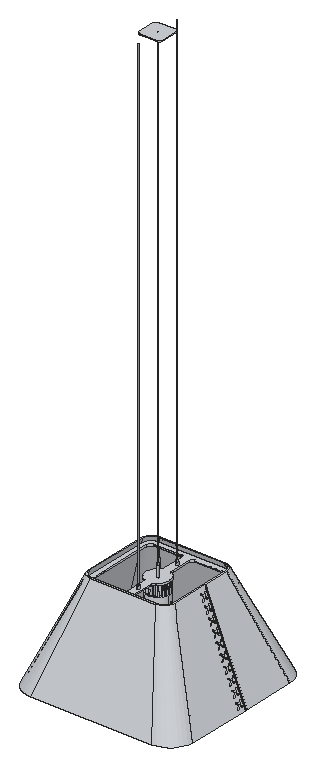
Revit family "BuzziSpace - BuzziShade - Square2", category Lighting Fixtures, host Ceiling, Revit 2019 (continued)
Lines and regions (in)
  symbolic lines, visible <- "Beam", detail levels fine
    curve 139: spline (-25.91981, -0.4757, 0) -> (-25.92104, -0.48493, 0) -> (-25.92168, -0.49458, 0) -> (-25.9217, -0.50437, 0) -> (-25.92111, -0.51403, 0) -> (-25.91992, -0.52331, 0) -> (-25.91816, -0.53194, 0) -> (-25.91589, -0.53969, 0) -> (-25.91316, -0.54634, 0) -> (-25.91005, -0.55171, 0) -> (-25.90665, -0.55566, 0) -> (-25.90305, -0.55807, 0) -> (-25.89934, -0.55888, 0)
    curve 140: line (-25.91981, -0.4757, 0) -> (-25.7343, 0.01289, 0)
    curve 141: line (-26.24982, 0, 0) -> (-26.0759, 0.45807, 0)
    curve 142: spline (-26.0759, 0.45807, 0) -> (-26.07311, 0.46702, 0) -> (-26.07104, 0.47723, 0) -> (-26.06976, 0.48831, 0) -> (-26.06933, 0.49983, 0) -> (-26.06976, 0.51135, 0) -> (-26.07104, 0.52243, 0) -> (-26.07311, 0.53264, 0) -> (-26.0759, 0.54158, 0) -> (-26.0793, 0.54893, 0) -> (-26.08317, 0.55439, 0) -> (-26.08738, 0.55775, 0) -> (-26.09175, 0.55888, 0)
    curve 143: spline (-26.22325, 0.54158, 0) -> (-26.22218, 0.54423, 0) -> (-26.22104, 0.54668, 0) -> (-26.21985, 0.54893, 0) -> (-26.2186, 0.55097, 0) -> (-26.21731, 0.55279, 0) -> (-26.21597, 0.55439, 0) -> (-26.2146, 0.55575, 0) -> (-26.2132, 0.55687, 0) -> (-26.21177, 0.55775, 0) -> (-26.21032, 0.55838, 0) -> (-26.20886, 0.55875, 0) -> (-26.20739, 0.55888, 0)
    curve 144: line (-26.20739, 0.55888, 0) -> (-26.09175, 0.55888, 0)
    curve 145: line (-26.24982, 0, 0) -> (-26.0759, -0.45807, 0)
    curve 146: spline (-26.0759, -0.45807, 0) -> (-26.07311, -0.46702, 0) -> (-26.07104, -0.47723, 0) -> (-26.06976, -0.48831, 0) -> (-26.06933, -0.49983, 0) -> (-26.06976, -0.51135, 0) -> (-26.07104, -0.52243, 0) -> (-26.07311, -0.53264, 0) -> (-26.0759, -0.54158, 0) -> (-26.0793, -0.54893, 0) -> (-26.08317, -0.55439, 0) -> (-26.08738, -0.55775, 0) -> (-26.09175, -0.55888, 0)
    curve 147: spline (-26.22325, -0.54158, 0) -> (-26.22218, -0.54423, 0) -> (-26.22104, -0.54668, 0) -> (-26.21985, -0.54893, 0) -> (-26.2186, -0.55097, 0) -> (-26.21731, -0.55279, 0) -> (-26.21597, -0.55439, 0) -> (-26.2146, -0.55575, 0) -> (-26.2132, -0.55687, 0) -> (-26.21177, -0.55775, 0) -> (-26.21032, -0.55838, 0) -> (-26.20886, -0.55875, 0) -> (-26.20739, -0.55888, 0)
    curve 148: line (-26.20739, -0.55888, 0) -> (-26.09175, -0.55888, 0)
    curve 149: line (-26.33935, -0.2358, 0) -> (-26.22325, -0.54158, 0)
    curve 150: spline (-26.59752, 0.4757, 0) -> (-26.59875, 0.48493, 0) -> (-26.59939, 0.49458, 0) -> (-26.59941, 0.50437, 0) -> (-26.59882, 0.51403, 0) -> (-26.59763, 0.52331, 0) -> (-26.59587, 0.53194, 0) -> (-26.5936, 0.53969, 0) -> (-26.59087, 0.54634, 0) -> (-26.58776, 0.55171, 0) -> (-26.58436, 0.55566, 0) -> (-26.58076, 0.55807, 0) -> (-26.57705, 0.55888, 0)
    curve 151: line (-26.57705, 0.55888, 0) -> (-26.46202, 0.55888, 0)
    curve 152: line (-26.33935, 0.2358, 0) -> (-26.22325, 0.54158, 0)
    curve 153: line (-26.46202, 0.55888, 0) -> (-26.33935, 0.2358, 0)
    curve 154: line (-26.59752, 0.4757, 0) -> (-26.4218, 0.01289, 0)
    curve 155: line (-26.46202, -0.55888, 0) -> (-26.33935, -0.2358, 0)
    curve 156: line (-26.58684, -0.55888, 0) -> (-26.46202, -0.55888, 0)
    curve 157: spline (-26.60731, -0.4757, 0) -> (-26.60854, -0.48493, 0) -> (-26.60918, -0.49458, 0) -> (-26.6092, -0.50437, 0) -> (-26.60861, -0.51403, 0) -> (-26.60742, -0.52331, 0) -> (-26.60566, -0.53194, 0) -> (-26.60339, -0.53969, 0) -> (-26.60066, -0.54634, 0) -> (-26.59755, -0.55171, 0) -> (-26.59415, -0.55566, 0) -> (-26.59055, -0.55807, 0) -> (-26.58684, -0.55888, 0)
    curve 158: line (-26.60731, -0.4757, 0) -> (-26.4218, 0.01289, 0)
    curve 159: line (-26.93732, 0, 0) -> (-26.7634, 0.45807, 0)
    curve 160: spline (-26.7634, 0.45807, 0) -> (-26.76061, 0.46702, 0) -> (-26.75854, 0.47723, 0) -> (-26.75726, 0.48831, 0) -> (-26.75683, 0.49983, 0) -> (-26.75726, 0.51135, 0) -> (-26.75854, 0.52243, 0) -> (-26.76061, 0.53264, 0) -> (-26.7634, 0.54158, 0) -> (-26.7668, 0.54893, 0) -> (-26.77067, 0.55439, 0) -> (-26.77488, 0.55775, 0) -> (-26.77925, 0.55888, 0)
    curve 161: spline (-26.91075, 0.54158, 0) -> (-26.90968, 0.54423, 0) -> (-26.90854, 0.54668, 0) -> (-26.90735, 0.54893, 0) -> (-26.9061, 0.55097, 0) -> (-26.90481, 0.55279, 0) -> (-26.90347, 0.55439, 0) -> (-26.9021, 0.55575, 0) -> (-26.9007, 0.55687, 0) -> (-26.89927, 0.55775, 0) -> (-26.89782, 0.55838, 0) -> (-26.89636, 0.55875, 0) -> (-26.89489, 0.55888, 0)
    curve 162: line (-26.89489, 0.55888, 0) -> (-26.77925, 0.55888, 0)
    curve 163: line (-26.93732, 0, 0) -> (-26.7634, -0.45807, 0)
    curve 164: spline (-26.7634, -0.45807, 0) -> (-26.76061, -0.46702, 0) -> (-26.75854, -0.47723, 0) -> (-26.75726, -0.48831, 0) -> (-26.75683, -0.49983, 0) -> (-26.75726, -0.51135, 0) -> (-26.75854, -0.52243, 0) -> (-26.76061, -0.53264, 0) -> (-26.7634, -0.54158, 0) -> (-26.7668, -0.54893, 0) -> (-26.77067, -0.55439, 0) -> (-26.77488, -0.55775, 0) -> (-26.77925, -0.55888, 0)
    curve 165: spline (-26.91075, -0.54158, 0) -> (-26.90968, -0.54423, 0) -> (-26.90854, -0.54668, 0) -> (-26.90735, -0.54893, 0) -> (-26.9061, -0.55097, 0) -> (-26.90481, -0.55279, 0) -> (-26.90347, -0.55439, 0) -> (-26.9021, -0.55575, 0) -> (-26.9007, -0.55687, 0) -> (-26.89927, -0.55775, 0) -> (-26.89782, -0.55838, 0) -> (-26.89636, -0.55875, 0) -> (-26.89489, -0.55888, 0)
    curve 166: line (-26.89489, -0.55888, 0) -> (-26.77925, -0.55888, 0)
    curve 167: line (-27.02685, -0.2358, 0) -> (-26.91075, -0.54158, 0)
    curve 168: spline (-27.28502, 0.4757, 0) -> (-27.28625, 0.48493, 0) -> (-27.28689, 0.49458, 0) -> (-27.28691, 0.50437, 0) -> (-27.28632, 0.51403, 0) -> (-27.28513, 0.52331, 0) -> (-27.28337, 0.53194, 0) -> (-27.2811, 0.53969, 0) -> (-27.27837, 0.54634, 0) -> (-27.27526, 0.55171, 0) -> (-27.27186, 0.55566, 0) -> (-27.26826, 0.55807, 0) -> (-27.26455, 0.55888, 0)
    curve 169: line (-27.26455, 0.55888, 0) -> (-27.14952, 0.55888, 0)
    curve 170: line (-27.02685, 0.2358, 0) -> (-26.91075, 0.54158, 0)
    curve 171: line (-27.14952, 0.55888, 0) -> (-27.02685, 0.2358, 0)
    curve 172: line (-27.28502, 0.4757, 0) -> (-27.1093, 0.01289, 0)
    curve 173: line (-27.14952, -0.55888, 0) -> (-27.02685, -0.2358, 0)
    curve 174: line (-27.27434, -0.55888, 0) -> (-27.14952, -0.55888, 0)
    curve 175: spline (-27.29481, -0.4757, 0) -> (-27.29604, -0.48493, 0) -> (-27.29668, -0.49458, 0) -> (-27.2967, -0.50437, 0) -> (-27.29611, -0.51403, 0) -> (-27.29492, -0.52331, 0) -> (-27.29316, -0.53194, 0) -> (-27.29089, -0.53969, 0) -> (-27.28816, -0.54634, 0) -> (-27.28505, -0.55171, 0) -> (-27.28165, -0.55566, 0) -> (-27.27805, -0.55807, 0) -> (-27.27434, -0.55888, 0)
    curve 176: line (-27.29481, -0.4757, 0) -> (-27.1093, 0.01289, 0)
    curve 177: line (-27.62482, 0, 0) -> (-27.4509, 0.45807, 0)
    curve 178: spline (-27.4509, 0.45807, 0) -> (-27.44811, 0.46702, 0) -> (-27.44604, 0.47723, 0) -> (-27.44476, 0.48831, 0) -> (-27.44433, 0.49983, 0) -> (-27.44476, 0.51135, 0) -> (-27.44604, 0.52243, 0) -> (-27.44811, 0.53264, 0) -> (-27.4509, 0.54158, 0) -> (-27.4543, 0.54893, 0) -> (-27.45817, 0.55439, 0) -> (-27.46238, 0.55775, 0) -> (-27.46675, 0.55888, 0)
    curve 179: spline (-27.59825, 0.54158, 0) -> (-27.59718, 0.54423, 0) -> (-27.59604, 0.54668, 0) -> (-27.59485, 0.54893, 0) -> (-27.5936, 0.55097, 0) -> (-27.59231, 0.55279, 0) -> (-27.59097, 0.55439, 0) -> (-27.5896, 0.55575, 0) -> (-27.5882, 0.55687, 0) -> (-27.58677, 0.55775, 0) -> (-27.58532, 0.55838, 0) -> (-27.58386, 0.55875, 0) -> (-27.58239, 0.55888, 0)
    curve 180: line (-27.58239, 0.55888, 0) -> (-27.46675, 0.55888, 0)
    curve 181: line (-27.62482, 0, 0) -> (-27.4509, -0.45807, 0)
    curve 182: spline (-27.4509, -0.45807, 0) -> (-27.44811, -0.46702, 0) -> (-27.44604, -0.47723, 0) -> (-27.44476, -0.48831, 0) -> (-27.44433, -0.49983, 0) -> (-27.44476, -0.51135, 0) -> (-27.44604, -0.52243, 0) -> (-27.44811, -0.53264, 0) -> (-27.4509, -0.54158, 0) -> (-27.4543, -0.54893, 0) -> (-27.45817, -0.55439, 0) -> (-27.46238, -0.55775, 0) -> (-27.46675, -0.55888, 0)
    curve 183: spline (-27.59825, -0.54158, 0) -> (-27.59718, -0.54423, 0) -> (-27.59604, -0.54668, 0) -> (-27.59485, -0.54893, 0) -> (-27.5936, -0.55097, 0) -> (-27.59231, -0.55279, 0) -> (-27.59097, -0.55439, 0) -> (-27.5896, -0.55575, 0) -> (-27.5882, -0.55687, 0) -> (-27.58677, -0.55775, 0) -> (-27.58532, -0.55838, 0) -> (-27.58386, -0.55875, 0) -> (-27.58239, -0.55888, 0)
    curve 184: line (-27.58239, -0.55888, 0) -> (-27.46675, -0.55888, 0)
    curve 185: line (-27.71435, -0.2358, 0) -> (-27.59825, -0.54158, 0)
    curve 186: spline (-27.97252, 0.4757, 0) -> (-27.97375, 0.48493, 0) -> (-27.97439, 0.49458, 0) -> (-27.97441, 0.50437, 0) -> (-27.97382, 0.51403, 0) -> (-27.97263, 0.52331, 0) -> (-27.97087, 0.53194, 0) -> (-27.9686, 0.53969, 0) -> (-27.96587, 0.54634, 0) -> (-27.96276, 0.55171, 0) -> (-27.95936, 0.55566, 0) -> (-27.95576, 0.55807, 0) -> (-27.95205, 0.55888, 0)
    curve 187: line (-27.95205, 0.55888, 0) -> (-27.83702, 0.55888, 0)
    curve 188: line (-27.71435, 0.2358, 0) -> (-27.59825, 0.54158, 0)
    curve 189: line (-27.83702, 0.55888, 0) -> (-27.71435, 0.2358, 0)
    curve 190: line (-27.97252, 0.4757, 0) -> (-27.7968, 0.01289, 0)
    curve 191: line (-27.83702, -0.55888, 0) -> (-27.71435, -0.2358, 0)
    curve 192: line (-27.96184, -0.55888, 0) -> (-27.83702, -0.55888, 0)
    curve 193: spline (-27.98231, -0.4757, 0) -> (-27.98354, -0.48493, 0) -> (-27.98418, -0.49458, 0) -> (-27.9842, -0.50437, 0) -> (-27.98361, -0.51403, 0) -> (-27.98242, -0.52331, 0) -> (-27.98066, -0.53194, 0) -> (-27.97839, -0.53969, 0) -> (-27.97566, -0.54634, 0) -> (-27.97255, -0.55171, 0) -> (-27.96915, -0.55566, 0) -> (-27.96555, -0.55807, 0) -> (-27.96184, -0.55888, 0)
    curve 194: line (-27.98231, -0.4757, 0) -> (-27.7968, 0.01289, 0)
    curve 195: line (22.81232, 0, 0) -> (22.6384, 0.45807, 0)
    curve 196: spline (22.6384, 0.45807, 0) -> (22.63561, 0.46702, 0) -> (22.63354, 0.47723, 0) -> (22.63226, 0.48831, 0) -> (22.63183, 0.49983, 0) -> (22.63226, 0.51135, 0) -> (22.63354, 0.52243, 0) -> (22.63561, 0.53264, 0) -> (22.6384, 0.54158, 0) -> (22.6418, 0.54893, 0) -> (22.64567, 0.55439, 0) -> (22.64988, 0.55775, 0) -> (22.65425, 0.55888, 0)
    curve 197: spline (22.78575, 0.54158, 0) -> (22.78468, 0.54423, 0) -> (22.78354, 0.54668, 0) -> (22.78235, 0.54893, 0) -> (22.7811, 0.55097, 0) -> (22.77981, 0.55279, 0) -> (22.77847, 0.55439, 0) -> (22.7771, 0.55575, 0) -> (22.7757, 0.55687, 0) -> (22.77427, 0.55775, 0) -> (22.77282, 0.55838, 0) -> (22.77136, 0.55875, 0) -> (22.76989, 0.55888, 0)
    curve 198: line (22.76989, 0.55888, 0) -> (22.65425, 0.55888, 0)
    curve 199: line (22.81232, 0, 0) -> (22.6384, -0.45807, 0)
    curve 200: spline (22.6384, -0.45807, 0) -> (22.63561, -0.46702, 0) -> (22.63354, -0.47723, 0) -> (22.63226, -0.48831, 0) -> (22.63183, -0.49983, 0) -> (22.63226, -0.51135, 0) -> (22.63354, -0.52243, 0) -> (22.63561, -0.53264, 0) -> (22.6384, -0.54158, 0) -> (22.6418, -0.54893, 0) -> (22.64567, -0.55439, 0) -> (22.64988, -0.55775, 0) -> (22.65425, -0.55888, 0)
    curve 201: spline (22.78575, -0.54158, 0) -> (22.78468, -0.54423, 0) -> (22.78354, -0.54668, 0) -> (22.78235, -0.54893, 0) -> (22.7811, -0.55097, 0) -> (22.77981, -0.55279, 0) -> (22.77847, -0.55439, 0) -> (22.7771, -0.55575, 0) -> (22.7757, -0.55687, 0) -> (22.77427, -0.55775, 0) -> (22.77282, -0.55838, 0) -> (22.77136, -0.55875, 0) -> (22.76989, -0.55888, 0)
    curve 202: line (22.76989, -0.55888, 0) -> (22.65425, -0.55888, 0)
    curve 203: line (22.90185, -0.2358, 0) -> (22.78575, -0.54158, 0)
    curve 204: spline (23.16002, 0.4757, 0) -> (23.16125, 0.48493, 0) -> (23.16189, 0.49458, 0) -> (23.16191, 0.50437, 0) -> (23.16132, 0.51403, 0) -> (23.16013, 0.52331, 0) -> (23.15837, 0.53194, 0) -> (23.1561, 0.53969, 0) -> (23.15337, 0.54634, 0) -> (23.15026, 0.55171, 0) -> (23.14686, 0.55566, 0) -> (23.14326, 0.55807, 0) -> (23.13955, 0.55888, 0)
    curve 205: line (23.13955, 0.55888, 0) -> (23.02452, 0.55888, 0)
    curve 206: line (22.90185, 0.2358, 0) -> (22.78575, 0.54158, 0)
    curve 207: line (23.02452, 0.55888, 0) -> (22.90185, 0.2358, 0)
    curve 208: line (23.16002, 0.4757, 0) -> (22.9843, 0.01289, 0)
    curve 209: line (23.02452, -0.55888, 0) -> (22.90185, -0.2358, 0)
    curve 210: line (23.14934, -0.55888, 0) -> (23.02452, -0.55888, 0)
    curve 211: spline (23.16981, -0.4757, 0) -> (23.17104, -0.48493, 0) -> (23.17168, -0.49458, 0) -> (23.1717, -0.50437, 0) -> (23.17111, -0.51403, 0) -> (23.16992, -0.52331, 0) -> (23.16816, -0.53194, 0) -> (23.16589, -0.53969, 0) -> (23.16316, -0.54634, 0) -> (23.16005, -0.55171, 0) -> (23.15665, -0.55566, 0) -> (23.15305, -0.55807, 0) -> (23.14934, -0.55888, 0)
    curve 212: line (23.16981, -0.4757, 0) -> (22.9843, 0.01289, 0)
    curve 213: line (23.49982, 0, 0) -> (23.3259, 0.45807, 0)
    curve 214: spline (23.3259, 0.45807, 0) -> (23.32311, 0.46702, 0) -> (23.32104, 0.47723, 0) -> (23.31976, 0.48831, 0) -> (23.31933, 0.49983, 0) -> (23.31976, 0.51135, 0) -> (23.32104, 0.52243, 0) -> (23.32311, 0.53264, 0) -> (23.3259, 0.54158, 0) -> (23.3293, 0.54893, 0) -> (23.33317, 0.55439, 0) -> (23.33738, 0.55775, 0) -> (23.34175, 0.55888, 0)
    curve 215: spline (23.47325, 0.54158, 0) -> (23.47218, 0.54423, 0) -> (23.47104, 0.54668, 0) -> (23.46985, 0.54893, 0) -> (23.4686, 0.55097, 0) -> (23.46731, 0.55279, 0) -> (23.46597, 0.55439, 0) -> (23.4646, 0.55575, 0) -> (23.4632, 0.55687, 0) -> (23.46177, 0.55775, 0) -> (23.46032, 0.55838, 0) -> (23.45886, 0.55875, 0) -> (23.45739, 0.55888, 0)
    curve 216: line (23.45739, 0.55888, 0) -> (23.34175, 0.55888, 0)
    curve 217: line (23.49982, 0, 0) -> (23.3259, -0.45807, 0)
    curve 218: spline (23.3259, -0.45807, 0) -> (23.32311, -0.46702, 0) -> (23.32104, -0.47723, 0) -> (23.31976, -0.48831, 0) -> (23.31933, -0.49983, 0) -> (23.31976, -0.51135, 0) -> (23.32104, -0.52243, 0) -> (23.32311, -0.53264, 0) -> (23.3259, -0.54158, 0) -> (23.3293, -0.54893, 0) -> (23.33317, -0.55439, 0) -> (23.33738, -0.55775, 0) -> (23.34175, -0.55888, 0)
    curve 219: spline (23.47325, -0.54158, 0) -> (23.47218, -0.54423, 0) -> (23.47104, -0.54668, 0) -> (23.46985, -0.54893, 0) -> (23.4686, -0.55097, 0) -> (23.46731, -0.55279, 0) -> (23.46597, -0.55439, 0) -> (23.4646, -0.55575, 0) -> (23.4632, -0.55687, 0) -> (23.46177, -0.55775, 0) -> (23.46032, -0.55838, 0) -> (23.45886, -0.55875, 0) -> (23.45739, -0.55888, 0)
    curve 220: line (23.45739, -0.55888, 0) -> (23.34175, -0.55888, 0)
    curve 221: line (23.58935, -0.2358, 0) -> (23.47325, -0.54158, 0)
    curve 222: spline (23.84752, 0.4757, 0) -> (23.84875, 0.48493, 0) -> (23.84939, 0.49458, 0) -> (23.84941, 0.50437, 0) -> (23.84882, 0.51403, 0) -> (23.84763, 0.52331, 0) -> (23.84587, 0.53194, 0) -> (23.8436, 0.53969, 0) -> (23.84087, 0.54634, 0) -> (23.83776, 0.55171, 0) -> (23.83436, 0.55566, 0) -> (23.83076, 0.55807, 0) -> (23.82705, 0.55888, 0)
    curve 223: line (23.82705, 0.55888, 0) -> (23.71202, 0.55888, 0)
    curve 224: line (23.58935, 0.2358, 0) -> (23.47325, 0.54158, 0)
    curve 225: line (23.71202, 0.55888, 0) -> (23.58935, 0.2358, 0)
    curve 226: line (23.84752, 0.4757, 0) -> (23.6718, 0.01289, 0)
    curve 227: line (23.71202, -0.55888, 0) -> (23.58935, -0.2358, 0)
    curve 228: line (23.83684, -0.55888, 0) -> (23.71202, -0.55888, 0)
    curve 229: spline (23.85731, -0.4757, 0) -> (23.85854, -0.48493, 0) -> (23.85918, -0.49458, 0) -> (23.8592, -0.50437, 0) -> (23.85861, -0.51403, 0) -> (23.85742, -0.52331, 0) -> (23.85566, -0.53194, 0) -> (23.85339, -0.53969, 0) -> (23.85066, -0.54634, 0) -> (23.84755, -0.55171, 0) -> (23.84415, -0.55566, 0) -> (23.84055, -0.55807, 0) -> (23.83684, -0.55888, 0)
    curve 230: line (23.85731, -0.4757, 0) -> (23.6718, 0.01289, 0)
    curve 231: line (24.18732, 0, 0) -> (24.0134, 0.45807, 0)
    curve 232: spline (24.0134, 0.45807, 0) -> (24.01061, 0.46702, 0) -> (24.00854, 0.47723, 0) -> (24.00726, 0.48831, 0) -> (24.00683, 0.49983, 0) -> (24.00726, 0.51135, 0) -> (24.00854, 0.52243, 0) -> (24.01061, 0.53264, 0) -> (24.0134, 0.54158, 0) -> (24.0168, 0.54893, 0) -> (24.02067, 0.55439, 0) -> (24.02488, 0.55775, 0) -> (24.02925, 0.55888, 0)
    curve 233: spline (24.16075, 0.54158, 0) -> (24.15968, 0.54423, 0) -> (24.15854, 0.54668, 0) -> (24.15735, 0.54893, 0) -> (24.1561, 0.55097, 0) -> (24.15481, 0.55279, 0) -> (24.15347, 0.55439, 0) -> (24.1521, 0.55575, 0) -> (24.1507, 0.55687, 0) -> (24.14927, 0.55775, 0) -> (24.14782, 0.55838, 0) -> (24.14636, 0.55875, 0) -> (24.14489, 0.55888, 0)
    curve 234: line (24.14489, 0.55888, 0) -> (24.02925, 0.55888, 0)
    curve 235: line (24.18732, 0, 0) -> (24.0134, -0.45807, 0)
    curve 236: spline (24.0134, -0.45807, 0) -> (24.01061, -0.46702, 0) -> (24.00854, -0.47723, 0) -> (24.00726, -0.48831, 0) -> (24.00683, -0.49983, 0) -> (24.00726, -0.51135, 0) -> (24.00854, -0.52243, 0) -> (24.01061, -0.53264, 0) -> (24.0134, -0.54158, 0) -> (24.0168, -0.54893, 0) -> (24.02067, -0.55439, 0) -> (24.02488, -0.55775, 0) -> (24.02925, -0.55888, 0)
    curve 237: spline (24.16075, -0.54158, 0) -> (24.15968, -0.54423, 0) -> (24.15854, -0.54668, 0) -> (24.15735, -0.54893, 0) -> (24.1561, -0.55097, 0) -> (24.15481, -0.55279, 0) -> (24.15347, -0.55439, 0) -> (24.1521, -0.55575, 0) -> (24.1507, -0.55687, 0) -> (24.14927, -0.55775, 0) -> (24.14782, -0.55838, 0) -> (24.14636, -0.55875, 0) -> (24.14489, -0.55888, 0)
    curve 238: line (24.14489, -0.55888, 0) -> (24.02925, -0.55888, 0)
    curve 239: line (24.27685, -0.2358, 0) -> (24.16075, -0.54158, 0)
    curve 240: spline (24.53502, 0.4757, 0) -> (24.53625, 0.48493, 0) -> (24.53689, 0.49458, 0) -> (24.53691, 0.50437, 0) -> (24.53632, 0.51403, 0) -> (24.53513, 0.52331, 0) -> (24.53337, 0.53194, 0) -> (24.5311, 0.53969, 0) -> (24.52837, 0.54634, 0) -> (24.52526, 0.55171, 0) -> (24.52186, 0.55566, 0) -> (24.51826, 0.55807, 0) -> (24.51455, 0.55888, 0)
    curve 241: line (24.51455, 0.55888, 0) -> (24.39952, 0.55888, 0)
    curve 242: line (24.27685, 0.2358, 0) -> (24.16075, 0.54158, 0)
    curve 243: line (24.39952, 0.55888, 0) -> (24.27685, 0.2358, 0)
    curve 244: line (24.53502, 0.4757, 0) -> (24.3593, 0.01289, 0)
    curve 245: line (24.39952, -0.55888, 0) -> (24.27685, -0.2358, 0)
    curve 246: line (24.52434, -0.55888, 0) -> (24.39952, -0.55888, 0)
    curve 247: spline (24.54481, -0.4757, 0) -> (24.54604, -0.48493, 0) -> (24.54668, -0.49458, 0) -> (24.5467, -0.50437, 0) -> (24.54611, -0.51403, 0) -> (24.54492, -0.52331, 0) -> (24.54316, -0.53194, 0) -> (24.54089, -0.53969, 0) -> (24.53816, -0.54634, 0) -> (24.53505, -0.55171, 0) -> (24.53165, -0.55566, 0) -> (24.52805, -0.55807, 0) -> (24.52434, -0.55888, 0)
    curve 248: line (24.54481, -0.4757, 0) -> (24.3593, 0.01289, 0)
    curve 249: line (24.87482, 0, 0) -> (24.7009, 0.45807, 0)
    curve 250: spline (24.7009, 0.45807, 0) -> (24.69811, 0.46702, 0) -> (24.69604, 0.47723, 0) -> (24.69476, 0.48831, 0) -> (24.69433, 0.49983, 0) -> (24.69476, 0.51135, 0) -> (24.69604, 0.52243, 0) -> (24.69811, 0.53264, 0) -> (24.7009, 0.54158, 0) -> (24.7043, 0.54893, 0) -> (24.70817, 0.55439, 0) -> (24.71238, 0.55775, 0) -> (24.71675, 0.55888, 0)
    curve 251: spline (24.84825, 0.54158, 0) -> (24.84718, 0.54423, 0) -> (24.84604, 0.54668, 0) -> (24.84485, 0.54893, 0) -> (24.8436, 0.55097, 0) -> (24.84231, 0.55279, 0) -> (24.84097, 0.55439, 0) -> (24.8396, 0.55575, 0) -> (24.8382, 0.55687, 0) -> (24.83677, 0.55775, 0) -> (24.83532, 0.55838, 0) -> (24.83386, 0.55875, 0) -> (24.83239, 0.55888, 0)
    curve 252: line (24.83239, 0.55888, 0) -> (24.71675, 0.55888, 0)
    curve 253: line (24.87482, 0, 0) -> (24.7009, -0.45807, 0)
    curve 254: spline (24.7009, -0.45807, 0) -> (24.69811, -0.46702, 0) -> (24.69604, -0.47723, 0) -> (24.69476, -0.48831, 0) -> (24.69433, -0.49983, 0) -> (24.69476, -0.51135, 0) -> (24.69604, -0.52243, 0) -> (24.69811, -0.53264, 0) -> (24.7009, -0.54158, 0) -> (24.7043, -0.54893, 0) -> (24.70817, -0.55439, 0) -> (24.71238, -0.55775, 0) -> (24.71675, -0.55888, 0)
    curve 255: spline (24.84825, -0.54158, 0) -> (24.84718, -0.54423, 0) -> (24.84604, -0.54668, 0) -> (24.84485, -0.54893, 0) -> (24.8436, -0.55097, 0) -> (24.84231, -0.55279, 0) -> (24.84097, -0.55439, 0) -> (24.8396, -0.55575, 0) -> (24.8382, -0.55687, 0) -> (24.83677, -0.55775, 0) -> (24.83532, -0.55838, 0) -> (24.83386, -0.55875, 0) -> (24.83239, -0.55888, 0)
    curve 256: line (24.83239, -0.55888, 0) -> (24.71675, -0.55888, 0)
    curve 257: line (24.96435, -0.2358, 0) -> (24.84825, -0.54158, 0)
    curve 258: spline (25.22252, 0.4757, 0) -> (25.22375, 0.48493, 0) -> (25.22439, 0.49458, 0) -> (25.22441, 0.50437, 0) -> (25.22382, 0.51403, 0) -> (25.22263, 0.52331, 0) -> (25.22087, 0.53194, 0) -> (25.2186, 0.53969, 0) -> (25.21587, 0.54634, 0) -> (25.21276, 0.55171, 0) -> (25.20936, 0.55566, 0) -> (25.20576, 0.55807, 0) -> (25.20205, 0.55888, 0)
    curve 259: line (25.20205, 0.55888, 0) -> (25.08702, 0.55888, 0)
    curve 260: line (24.96435, 0.2358, 0) -> (24.84825, 0.54158, 0)
    curve 261: line (25.08702, 0.55888, 0) -> (24.96435, 0.2358, 0)
    curve 262: line (25.22252, 0.4757, 0) -> (25.0468, 0.01289, 0)
    curve 263: line (25.08702, -0.55888, 0) -> (24.96435, -0.2358, 0)
    curve 264: line (25.21184, -0.55888, 0) -> (25.08702, -0.55888, 0)
    curve 265: spline (25.23231, -0.4757, 0) -> (25.23354, -0.48493, 0) -> (25.23418, -0.49458, 0) -> (25.2342, -0.50437, 0) -> (25.23361, -0.51403, 0) -> (25.23242, -0.52331, 0) -> (25.23066, -0.53194, 0) -> (25.22839, -0.53969, 0) -> (25.22566, -0.54634, 0) -> (25.22255, -0.55171, 0) -> (25.21915, -0.55566, 0) -> (25.21555, -0.55807, 0) -> (25.21184, -0.55888, 0)
    curve 266: line (25.23231, -0.4757, 0) -> (25.0468, 0.01289, 0)
    curve 267: line (25.56232, 0, 0) -> (25.3884, 0.45807, 0)
    curve 268: spline (25.3884, 0.45807, 0) -> (25.38561, 0.46702, 0) -> (25.38354, 0.47723, 0) -> (25.38226, 0.48831, 0) -> (25.38183, 0.49983, 0) -> (25.38226, 0.51135, 0) -> (25.38354, 0.52243, 0) -> (25.38561, 0.53264, 0) -> (25.3884, 0.54158, 0) -> (25.3918, 0.54893, 0) -> (25.39567, 0.55439, 0) -> (25.39988, 0.55775, 0) -> (25.40425, 0.55888, 0)
    curve 269: spline (25.53575, 0.54158, 0) -> (25.53468, 0.54423, 0) -> (25.53354, 0.54668, 0) -> (25.53235, 0.54893, 0) -> (25.5311, 0.55097, 0) -> (25.52981, 0.55279, 0) -> (25.52847, 0.55439, 0) -> (25.5271, 0.55575, 0) -> (25.5257, 0.55687, 0) -> (25.52427, 0.55775, 0) -> (25.52282, 0.55838, 0) -> (25.52136, 0.55875, 0) -> (25.51989, 0.55888, 0)
    curve 270: line (25.51989, 0.55888, 0) -> (25.40425, 0.55888, 0)
    curve 271: line (25.56232, 0, 0) -> (25.3884, -0.45807, 0)
    curve 272: spline (25.3884, -0.45807, 0) -> (25.38561, -0.46702, 0) -> (25.38354, -0.47723, 0) -> (25.38226, -0.48831, 0) -> (25.38183, -0.49983, 0) -> (25.38226, -0.51135, 0) -> (25.38354, -0.52243, 0) -> (25.38561, -0.53264, 0) -> (25.3884, -0.54158, 0) -> (25.3918, -0.54893, 0) -> (25.39567, -0.55439, 0) -> (25.39988, -0.55775, 0) -> (25.40425, -0.55888, 0)
    curve 273: spline (25.53575, -0.54158, 0) -> (25.53468, -0.54423, 0) -> (25.53354, -0.54668, 0) -> (25.53235, -0.54893, 0) -> (25.5311, -0.55097, 0) -> (25.52981, -0.55279, 0) -> (25.52847, -0.55439, 0) -> (25.5271, -0.55575, 0) -> (25.5257, -0.55687, 0) -> (25.52427, -0.55775, 0) -> (25.52282, -0.55838, 0) -> (25.52136, -0.55875, 0) -> (25.51989, -0.55888, 0)
    curve 274: line (25.51989, -0.55888, 0) -> (25.40425, -0.55888, 0)
    curve 275: line (25.65185, -0.2358, 0) -> (25.53575, -0.54158, 0)
    curve 276: spline (25.91002, 0.4757, 0) -> (25.91125, 0.48493, 0) -> (25.91189, 0.49458, 0) -> (25.91191, 0.50437, 0) -> (25.91132, 0.51403, 0) -> (25.91013, 0.52331, 0) -> (25.90837, 0.53194, 0) -> (25.9061, 0.53969, 0) -> (25.90337, 0.54634, 0) -> (25.90026, 0.55171, 0) -> (25.89686, 0.55566, 0) -> (25.89326, 0.55807, 0) -> (25.88955, 0.55888, 0)
    curve 277: line (25.88955, 0.55888, 0) -> (25.77452, 0.55888, 0)
    curve 278: line (25.65185, 0.2358, 0) -> (25.53575, 0.54158, 0)
    curve 279: line (25.77452, 0.55888, 0) -> (25.65185, 0.2358, 0)
    curve 280: line (25.91002, 0.4757, 0) -> (25.7343, 0.01289, 0)
    curve 281: line (25.77452, -0.55888, 0) -> (25.65185, -0.2358, 0)
    curve 282: line (25.89934, -0.55888, 0) -> (25.77452, -0.55888, 0)
    curve 283: spline (25.91981, -0.4757, 0) -> (25.92104, -0.48493, 0) -> (25.92168, -0.49458, 0) -> (25.9217, -0.50437, 0) -> (25.92111, -0.51403, 0) -> (25.91992, -0.52331, 0) -> (25.91816, -0.53194, 0) -> (25.91589, -0.53969, 0) -> (25.91316, -0.54634, 0) -> (25.91005, -0.55171, 0) -> (25.90665, -0.55566, 0) -> (25.90305, -0.55807, 0) -> (25.89934, -0.55888, 0)
    curve 284: line (25.91981, -0.4757, 0) -> (25.7343, 0.01289, 0)
    curve 285: line (26.24982, 0, 0) -> (26.0759, 0.45807, 0)
    curve 286: spline (26.0759, 0.45807, 0) -> (26.07311, 0.46702, 0) -> (26.07104, 0.47723, 0) -> (26.06976, 0.48831, 0) -> (26.06933, 0.49983, 0) -> (26.06976, 0.51135, 0) -> (26.07104, 0.52243, 0) -> (26.07311, 0.53264, 0) -> (26.0759, 0.54158, 0) -> (26.0793, 0.54893, 0) -> (26.08317, 0.55439, 0) -> (26.08738, 0.55775, 0) -> (26.09175, 0.55888, 0)
    curve 287: spline (26.22325, 0.54158, 0) -> (26.22218, 0.54423, 0) -> (26.22104, 0.54668, 0) -> (26.21985, 0.54893, 0) -> (26.2186, 0.55097, 0) -> (26.21731, 0.55279, 0) -> (26.21597, 0.55439, 0) -> (26.2146, 0.55575, 0) -> (26.2132, 0.55687, 0) -> (26.21177, 0.55775, 0) -> (26.21032, 0.55838, 0) -> (26.20886, 0.55875, 0) -> (26.20739, 0.55888, 0)
    curve 288: line (26.20739, 0.55888, 0) -> (26.09175, 0.55888, 0)
    curve 289: line (26.24982, 0, 0) -> (26.0759, -0.45807, 0)
    curve 290: spline (26.0759, -0.45807, 0) -> (26.07311, -0.46702, 0) -> (26.07104, -0.47723, 0) -> (26.06976, -0.48831, 0) -> (26.06933, -0.49983, 0) -> (26.06976, -0.51135, 0) -> (26.07104, -0.52243, 0) -> (26.07311, -0.53264, 0) -> (26.0759, -0.54158, 0) -> (26.0793, -0.54893, 0) -> (26.08317, -0.55439, 0) -> (26.08738, -0.55775, 0) -> (26.09175, -0.55888, 0)
    curve 291: spline (26.22325, -0.54158, 0) -> (26.22218, -0.54423, 0) -> (26.22104, -0.54668, 0) -> (26.21985, -0.54893, 0) -> (26.2186, -0.55097, 0) -> (26.21731, -0.55279, 0) -> (26.21597, -0.55439, 0) -> (26.2146, -0.55575, 0) -> (26.2132, -0.55687, 0) -> (26.21177, -0.55775, 0) -> (26.21032, -0.55838, 0) -> (26.20886, -0.55875, 0) -> (26.20739, -0.55888, 0)
    curve 292: line (26.20739, -0.55888, 0) -> (26.09175, -0.55888, 0)
    curve 293: line (26.33935, -0.2358, 0) -> (26.22325, -0.54158, 0)
    curve 294: spline (26.59752, 0.4757, 0) -> (26.59875, 0.48493, 0) -> (26.59939, 0.49458, 0) -> (26.59941, 0.50437, 0) -> (26.59882, 0.51403, 0) -> (26.59763, 0.52331, 0) -> (26.59587, 0.53194, 0) -> (26.5936, 0.53969, 0) -> (26.59087, 0.54634, 0) -> (26.58776, 0.55171, 0) -> (26.58436, 0.55566, 0) -> (26.58076, 0.55807, 0) -> (26.57705, 0.55888, 0)
    curve 295: line (26.57705, 0.55888, 0) -> (26.46202, 0.55888, 0)
    curve 296: line (26.33935, 0.2358, 0) -> (26.22325, 0.54158, 0)
    curve 297: line (26.46202, 0.55888, 0) -> (26.33935, 0.2358, 0)
    curve 298: line (26.59752, 0.4757, 0) -> (26.4218, 0.01289, 0)
    curve 299: line (26.46202, -0.55888, 0) -> (26.33935, -0.2358, 0)
    curve 300: line (26.58684, -0.55888, 0) -> (26.46202, -0.55888, 0)
    curve 301: spline (26.60731, -0.4757, 0) -> (26.60854, -0.48493, 0) -> (26.60918, -0.49458, 0) -> (26.6092, -0.50437, 0) -> (26.60861, -0.51403, 0) -> (26.60742, -0.52331, 0) -> (26.60566, -0.53194, 0) -> (26.60339, -0.53969, 0) -> (26.60066, -0.54634, 0) -> (26.59755, -0.55171, 0) -> (26.59415, -0.55566, 0) -> (26.59055, -0.55807, 0) -> (26.58684, -0.55888, 0)
    curve 302: line (26.60731, -0.4757, 0) -> (26.4218, 0.01289, 0)
    curve 303: line (26.93732, 0, 0) -> (26.7634, 0.45807, 0)
    curve 304: spline (26.7634, 0.45807, 0) -> (26.76061, 0.46702, 0) -> (26.75854, 0.47723, 0) -> (26.75726, 0.48831, 0) -> (26.75683, 0.49983, 0) -> (26.75726, 0.51135, 0) -> (26.75854, 0.52243, 0) -> (26.76061, 0.53264, 0) -> (26.7634, 0.54158, 0) -> (26.7668, 0.54893, 0) -> (26.77067, 0.55439, 0) -> (26.77488, 0.55775, 0) -> (26.77925, 0.55888, 0)
    curve 305: spline (26.91075, 0.54158, 0) -> (26.90968, 0.54423, 0) -> (26.90854, 0.54668, 0) -> (26.90735, 0.54893, 0) -> (26.9061, 0.55097, 0) -> (26.90481, 0.55279, 0) -> (26.90347, 0.55439, 0) -> (26.9021, 0.55575, 0) -> (26.9007, 0.55687, 0) -> (26.89927, 0.55775, 0) -> (26.89782, 0.55838, 0) -> (26.89636, 0.55875, 0) -> (26.89489, 0.55888, 0)
    curve 306: line (26.89489, 0.55888, 0) -> (26.77925, 0.55888, 0)
    curve 307: line (26.93732, 0, 0) -> (26.7634, -0.45807, 0)
    curve 308: spline (26.7634, -0.45807, 0) -> (26.76061, -0.46702, 0) -> (26.75854, -0.47723, 0) -> (26.75726, -0.48831, 0) -> (26.75683, -0.49983, 0) -> (26.75726, -0.51135, 0) -> (26.75854, -0.52243, 0) -> (26.76061, -0.53264, 0) -> (26.7634, -0.54158, 0) -> (26.7668, -0.54893, 0) -> (26.77067, -0.55439, 0) -> (26.77488, -0.55775, 0) -> (26.77925, -0.55888, 0)
    curve 309: spline (26.91075, -0.54158, 0) -> (26.90968, -0.54423, 0) -> (26.90854, -0.54668, 0) -> (26.90735, -0.54893, 0) -> (26.9061, -0.55097, 0) -> (26.90481, -0.55279, 0) -> (26.90347, -0.55439, 0) -> (26.9021, -0.55575, 0) -> (26.9007, -0.55687, 0) -> (26.89927, -0.55775, 0) -> (26.89782, -0.55838, 0) -> (26.89636, -0.55875, 0) -> (26.89489, -0.55888, 0)
    curve 310: line (26.89489, -0.55888, 0) -> (26.77925, -0.55888, 0)
    curve 311: line (27.02685, -0.2358, 0) -> (26.91075, -0.54158, 0)
    curve 312: spline (27.28502, 0.4757, 0) -> (27.28625, 0.48493, 0) -> (27.28689, 0.49458, 0) -> (27.28691, 0.50437, 0) -> (27.28632, 0.51403, 0) -> (27.28513, 0.52331, 0) -> (27.28337, 0.53194, 0) -> (27.2811, 0.53969, 0) -> (27.27837, 0.54634, 0) -> (27.27526, 0.55171, 0) -> (27.27186, 0.55566, 0) -> (27.26826, 0.55807, 0) -> (27.26455, 0.55888, 0)
    curve 313: line (27.26455, 0.55888, 0) -> (27.14952, 0.55888, 0)
    curve 314: line (27.02685, 0.2358, 0) -> (26.91075, 0.54158, 0)
    curve 315: line (27.14952, 0.55888, 0) -> (27.02685, 0.2358, 0)
    curve 316: line (27.28502, 0.4757, 0) -> (27.1093, 0.01289, 0)
    curve 317: line (27.14952, -0.55888, 0) -> (27.02685, -0.2358, 0)
    curve 318: line (27.27434, -0.55888, 0) -> (27.14952, -0.55888, 0)
    curve 319: spline (27.29481, -0.4757, 0) -> (27.29604, -0.48493, 0) -> (27.29668, -0.49458, 0) -> (27.2967, -0.50437, 0) -> (27.29611, -0.51403, 0) -> (27.29492, -0.52331, 0) -> (27.29316, -0.53194, 0) -> (27.29089, -0.53969, 0) -> (27.28816, -0.54634, 0) -> (27.28505, -0.55171, 0) -> (27.28165, -0.55566, 0) -> (27.27805, -0.55807, 0) -> (27.27434, -0.55888, 0)
    curve 320: line (27.29481, -0.4757, 0) -> (27.1093, 0.01289, 0)
    curve 321: line (27.62482, 0, 0) -> (27.4509, 0.45807, 0)
    curve 322: spline (27.4509, 0.45807, 0) -> (27.44811, 0.46702, 0) -> (27.44604, 0.47723, 0) -> (27.44476, 0.48831, 0) -> (27.44433, 0.49983, 0) -> (27.44476, 0.51135, 0) -> (27.44604, 0.52243, 0) -> (27.44811, 0.53264, 0) -> (27.4509, 0.54158, 0) -> (27.4543, 0.54893, 0) -> (27.45817, 0.55439, 0) -> (27.46238, 0.55775, 0) -> (27.46675, 0.55888, 0)
    curve 323: spline (27.59825, 0.54158, 0) -> (27.59718, 0.54423, 0) -> (27.59604, 0.54668, 0) -> (27.59485, 0.54893, 0) -> (27.5936, 0.55097, 0) -> (27.59231, 0.55279, 0) -> (27.59097, 0.55439, 0) -> (27.5896, 0.55575, 0) -> (27.5882, 0.55687, 0) -> (27.58677, 0.55775, 0) -> (27.58532, 0.55838, 0) -> (27.58386, 0.55875, 0) -> (27.58239, 0.55888, 0)
    curve 324: line (27.58239, 0.55888, 0) -> (27.46675, 0.55888, 0)
    curve 325: line (27.62482, 0, 0) -> (27.4509, -0.45807, 0)
    curve 326: spline (27.4509, -0.45807, 0) -> (27.44811, -0.46702, 0) -> (27.44604, -0.47723, 0) -> (27.44476, -0.48831, 0) -> (27.44433, -0.49983, 0) -> (27.44476, -0.51135, 0) -> (27.44604, -0.52243, 0) -> (27.44811, -0.53264, 0) -> (27.4509, -0.54158, 0) -> (27.4543, -0.54893, 0) -> (27.45817, -0.55439, 0) -> (27.46238, -0.55775, 0) -> (27.46675, -0.55888, 0)
    curve 327: spline (27.59825, -0.54158, 0) -> (27.59718, -0.54423, 0) -> (27.59604, -0.54668, 0) -> (27.59485, -0.54893, 0) -> (27.5936, -0.55097, 0) -> (27.59231, -0.55279, 0) -> (27.59097, -0.55439, 0) -> (27.5896, -0.55575, 0) -> (27.5882, -0.55687, 0) -> (27.58677, -0.55775, 0) -> (27.58532, -0.55838, 0) -> (27.58386, -0.55875, 0) -> (27.58239, -0.55888, 0)
    curve 328: line (27.58239, -0.55888, 0) -> (27.46675, -0.55888, 0)
    curve 329: line (27.71435, -0.2358, 0) -> (27.59825, -0.54158, 0)
    curve 330: spline (27.97252, 0.4757, 0) -> (27.97375, 0.48493, 0) -> (27.97439, 0.49458, 0) -> (27.97441, 0.50437, 0) -> (27.97382, 0.51403, 0) -> (27.97263, 0.52331, 0) -> (27.97087, 0.53194, 0) -> (27.9686, 0.53969, 0) -> (27.96587, 0.54634, 0) -> (27.96276, 0.55171, 0) -> (27.95936, 0.55566, 0) -> (27.95576, 0.55807, 0) -> (27.95205, 0.55888, 0)
    curve 331: line (27.95205, 0.55888, 0) -> (27.83702, 0.55888, 0)
    curve 332: line (27.71435, 0.2358, 0) -> (27.59825, 0.54158, 0)
    curve 333: line (27.83702, 0.55888, 0) -> (27.71435, 0.2358, 0)
    curve 334: line (27.97252, 0.4757, 0) -> (27.7968, 0.01289, 0)
    curve 335: line (27.83702, -0.55888, 0) -> (27.71435, -0.2358, 0)
    curve 336: line (27.96184, -0.55888, 0) -> (27.83702, -0.55888, 0)
    curve 337: spline (27.98231, -0.4757, 0) -> (27.98354, -0.48493, 0) -> (27.98418, -0.49458, 0) -> (27.9842, -0.50437, 0) -> (27.98361, -0.51403, 0) -> (27.98242, -0.52331, 0) -> (27.98066, -0.53194, 0) -> (27.97839, -0.53969, 0) -> (27.97566, -0.54634, 0) -> (27.97255, -0.55171, 0) -> (27.96915, -0.55566, 0) -> (27.96555, -0.55807, 0) -> (27.96184, -0.55888, 0)
    curve 338: line (27.98231, -0.4757, 0) -> (27.7968, 0.01289, 0)
    curve 465: line (-1.93545, 0.5, 0) -> (-12.81455, 0.5, 0)
    curve 466: line (-1.93545, -0.5, 0) -> (-12.81455, -0.5, 0)
    curve 467: line (1.93545, 0.5, 0) -> (12.81455, 0.5, 0)
    curve 468: line (1.93545, -0.5, 0) -> (12.81455, -0.5, 0)
  symbolic lines, visible <- "Beam", detail levels medium+fine
    curve 53: line (-28.23622, -10.73976, 0) -> (-28.23622, 10.73976, 0)
    curve 54: line (-25.48622, 13.48976, 0) -> (25.48622, 13.48976, 0)
    curve 55: line (28.23622, 10.73976, 0) -> (28.23622, -10.73976, 0)
    curve 56: line (25.48622, -13.48976, 0) -> (-25.48622, -13.48976, 0)
    curve 57: arc (28.23622, -10.73976, 0) -> (27.43076, -12.68431, 0) -> (25.48622, -13.48976, 0) r 2.75
    curve 58: arc (25.48622, 13.48976, 0) -> (27.43076, 12.68431, 0) -> (28.23622, 10.73976, 0) r 2.75
    curve 59: arc (-28.23622, 10.73976, 0) -> (-27.43076, 12.68431, 0) -> (-25.48622, 13.48976, 0) r 2.75
    curve 60: arc (-25.48622, -13.48976, 0) -> (-27.43076, -12.68431, 0) -> (-28.23622, -10.73976, 0) r 2.75
    curve 61: arc (-20.55315, 7.61026, 0) -> (-21.81703, 7.08674, 0) -> (-22.34055, 5.82286, 0) r 1.7874
    curve 62: line (20.55315, 7.61026, 0) -> (-20.55315, 7.61026, 0)
    curve 63: line (-22.34055, 5.82286, 0) -> (-22.34055, -5.82286, 0)
    curve 64: arc (-22.34055, -5.82286, 0) -> (-21.81703, -7.08674, 0) -> (-20.55315, -7.61026, 0) r 1.7874
    curve 65: line (-20.55315, -7.61026, 0) -> (20.55315, -7.61026, 0)
    curve 66: arc (20.55315, -7.61026, 0) -> (21.81703, -7.08674, 0) -> (22.34055, -5.82286, 0) r 1.7874
    curve 67: line (22.34055, -5.82286, 0) -> (22.34055, 5.82286, 0)
    curve 68: arc (22.34055, 5.82286, 0) -> (21.81703, 7.08674, 0) -> (20.55315, 7.61026, 0) r 1.7874
Dimensions and locks (in)
  equal spacing: host sketch curve, plane 3 "Light Source Axis (L/R)", host sketch curve
  equal spacing: host sketch curve, plane 1 "Light Source Axis (F/B)", host sketch curve
  host sketch curve to host sketch curve = 10' - 0"  (x2)
  "Light Offset": host ceiling to plane 5 "Mask"
  equal spacing: group 8, group 7, group 6, group 5, group 4, group 3, group 2, group 1
  equal spacing: group 1, group 2, group 3, group 4, group 5, group 6, group 7, group 8  (x2)
  equal spacing: group 9, group 10, group 11, group 12, group 13, group 14, group 15, group 16  (x3)
  equal spacing: group 17, group 18, group 19, group 20, group 21, group 22, group 23, group 24  (x3)
  Revolve 1 sketch curve to Revolve 1 sketch curve to Revolve 1 sketch curve = 0' - 0.39603" locked, 0' - 0.33089" locked
  Revolve 2 sketch curve to Revolve 2 sketch curve to Revolve 2 sketch curve = 0' - 0.39603" locked, 0' - 0.33089" locked
  aligned and locked: plane 3 "Light Source Axis (L/R)" to imposter light
  aligned and locked: plane 1 "Light Source Axis (F/B)" to imposter light
  aligned and locked: plane 4 "Light Source Elevation" to imposter light
  aligned and locked: host ceiling to nested 1
  aligned and locked: plane 4 "Light Source Elevation" to plane 5 "Mask"
  aligned and locked: plane 2 "Ceiling" to nested 2
  aligned and locked: nested 1 to Revolve 1 sketch curve
  aligned and locked: Revolve 1 sketch curve to plane 2 "Ceiling"
  aligned and locked: Revolve 2 sketch curve to nested 1
  aligned and locked: Revolve 2 sketch curve to plane 2 "Ceiling"
Automatic sketch dimensions
  plane 1 "Light Source Axis (F/B)" to Masking region 1 sketch curve = 0' - 0"  (x2)
  plane 3 "Light Source Axis (L/R)" to Masking region 1 sketch curve = 1' - 2.79872"
  Masking region 1 sketch curve to Masking region 1 sketch curve = 0' - 4"  (x3)
  Masking region 1 sketch curve to Masking region 1 sketch curve = 0' - 4.02067"  (x3)
  Masking region 1 sketch curve to Masking region 1 sketch curve = 0' - 0.9124"  (x3)
  plane 3 "Light Source Axis (L/R)" to Masking region 1 sketch curve = 0' - 1.44045"  (x2)
  plane 3 "Light Source Axis (L/R)" to Masking region 1 sketch curve = 0' - 1.33716"
  plane 3 "Light Source Axis (L/R)" to Masking region 1 sketch curve = 0' - 1.23474"
  plane 3 "Light Source Axis (L/R)" to Masking region 1 sketch curve = 0' - 0.65305"  (x2)
  plane 3 "Light Source Axis (L/R)" to Masking region 1 sketch curve = 0' - 0.03294"
  Masking region 1 sketch curve to plane 3 "Light Source Axis (L/R)" = 0' - 0.03294"
  Masking region 1 sketch curve to plane 3 "Light Source Axis (L/R)" = 0' - 0.65305"  (x2)
  Masking region 1 sketch curve to Masking region 1 sketch curve = 0' - 0.58169"
  Masking region 1 sketch curve to Masking region 1 sketch curve = 0' - 0.68411"
  Masking region 1 sketch curve to Masking region 1 sketch curve = 0' - 0.7874"  (x2)
  Masking region 1 sketch curve to Masking region 1 sketch curve = 0' - 4.63091"
  Masking region 1 sketch curve to Masking region 1 sketch curve = 0' - 4.52849"
  Masking region 1 sketch curve to plane 1 "Light Source Axis (F/B)" = 0' - 2.43789"
  Masking region 1 sketch curve to Masking region 1 sketch curve = 0' - 0"  (x4)
  Masking region 1 sketch curve to Masking region 1 sketch curve = 0' - 3.38497"
  Masking region 1 sketch curve to plane 1 "Light Source Axis (F/B)" = 0' - 5.82286"
  Masking region 1 sketch curve to Masking region 1 sketch curve = 0' - 4.9169"  (x2)
  plane 1 "Light Source Axis (F/B)" to Masking region 1 sketch curve = 0' - 2.43789"
  plane 1 "Light Source Axis (F/B)" to Masking region 1 sketch curve = 0' - 5.82286"  (x2)
  plane 1 "Light Source Axis (F/B)" to Masking region 2 sketch curve = 0' - 0"  (x6)
  plane 3 "Light Source Axis (L/R)" to Masking region 2 sketch curve = 2' - 5.48622"
  Masking region 2 sketch curve to Masking region 2 sketch curve = 0' - 4"  (x3)
  Masking region 2 sketch curve to Masking region 2 sketch curve = 0' - 4.02067"  (x3)
  Masking region 2 sketch curve to Masking region 2 sketch curve = 0' - 0.9124"  (x3)
  plane 1 "Light Source Axis (F/B)" to Masking region 2 sketch curve = 0' - 2.43789"  (x3)
  Masking region 2 sketch curve to Masking region 2 sketch curve = 0' - 4.4252"
  Masking region 2 sketch curve to plane 1 "Light Source Axis (F/B)" = 0' - 2.43789"  (x3)
  Masking region 2 sketch curve to Masking region 2 sketch curve = 0' - 0"  (x17)
  Masking region 2 sketch curve to Masking region 2 sketch curve = 0' - 0.10329"  (x2)
  Masking region 2 sketch curve to Masking region 2 sketch curve = 0' - 0.20571"  (x2)
  Masking region 2 sketch curve to Masking region 2 sketch curve = 0' - 0.7874"  (x8)
  Masking region 2 sketch curve to Masking region 2 sketch curve = 0' - 0.68411"  (x4)
  Masking region 2 sketch curve to Masking region 2 sketch curve = 0' - 0.56099"  (x2)
  Masking region 2 sketch curve to Masking region 2 sketch curve = 0' - 0.05913"  (x2)
  Masking region 2 sketch curve to Masking region 2 sketch curve = 0' - 1.1811"  (x4)
  Masking region 2 sketch curve to Masking region 2 sketch curve = 0' - 0.58169"  (x5)
  plane 3 "Light Source Axis (L/R)" to Masking region 2 sketch curve = 0' - 1.37795"  (x2)
  plane 3 "Light Source Axis (L/R)" to Masking region 2 sketch curve = 0' - 1.27466"
  plane 3 "Light Source Axis (L/R)" to Masking region 2 sketch curve = 0' - 1.17224"
  plane 3 "Light Source Axis (L/R)" to Masking region 2 sketch curve = 0' - 0.59055"
  plane 3 "Light Source Axis (L/R)" to Masking region 2 sketch curve = 0' - 0.02956"
  Masking region 2 sketch curve to plane 3 "Light Source Axis (L/R)" = 0' - 0.02956"
  Masking region 2 sketch curve to plane 3 "Light Source Axis (L/R)" = 0' - 0.59055"  (x2)
  Masking region 2 sketch curve to Masking region 2 sketch curve = 0' - 11.99409"
  Masking region 2 sketch curve to Masking region 2 sketch curve = 0' - 4.63091"
  Masking region 2 sketch curve to Masking region 2 sketch curve = 0' - 4.52849"
  Masking region 2 sketch curve to plane 1 "Light Source Axis (F/B)" = 0' - 5.82286"
  Masking region 2 sketch curve to Masking region 2 sketch curve = 0' - 3.38497"
  Masking region 2 sketch curve to Masking region 2 sketch curve = 0' - 4.9169"  (x2)
  plane 1 "Light Source Axis (F/B)" to Masking region 2 sketch curve = 0' - 5.82286"  (x2)
  Masking region 2 sketch curve to Masking region 2 sketch curve = 0' - 3 157/256"
  curve 55 to plane 1 "Light Source Axis (F/B)" = 0' - 10.73976"
  plane 3 "Light Source Axis (L/R)" to curve 55 = 2' - 4.23622"
  curve 58 to curve 58 = 0' - 2 3/4"
  curve 55 to curve 56 = 0' - 2 3/4"
  curve 58 to curve 67 = 0' - 3.14567"
  curve 66 to curve 66 = 0' - 1.7874"
  curve 68 to curve 62 = 0' - 1.7874"
  curve 65 to curve 7 = 0' - 7.00443"
  curve 11 to curve 8 = 0' - 2 3/4"
  curve 10 to curve 10 = 0' - 2 3/4"
  curve 10 to curve 2 = 0' - 3.14567"
  curve 2 to curve 16 = 0' - 1.7874"
  curve 2 to curve 13 = 0' - 1.7874"
  curve 14 to plane 3 "Light Source Axis (L/R)" = 0' - 5.86565"
  curve 4 to plane 3 "Light Source Axis (L/R)" = 0' - 5.86565"
  curve 15 to curve 3 = 0' - 1.7874"
  curve 3 to curve 9 = 0' - 3.14567"
  curve 15 to curve 12 = 0' - 3.14567"
  curve 12 to curve 5 = 0' - 2 3/4"
  curve 9 to curve 62 = 0' - 7.00443"
  curve 5 to curve 65 = 0' - 7.00443"
  curve 61 to curve 63 = 0' - 1.7874"
  curve 65 to curve 56 = 0' - 4.93307"
  curve 61 to curve 59 = 0' - 3.14567"
  curve 60 to curve 53 = 0' - 2 3/4"
  curve 6 to plane 1 "Light Source Axis (F/B)" = 1' - 1.48976"
  curve 59 to curve 62 = 0' - 3.1295"
  curve 10 to curve 1 = 0' - 3.1295"
  plane 1 "Light Source Axis (F/B)" to curve 67 = 0' - 5.82286"
  plane 1 "Light Source Axis (F/B)" to curve 15 = 0' - 5.82286"
  curve 67 to curve 57 = 0' - 4.9169"
  curve 65 to curve 5 = 0' - 3.1295"
  plane 1 "Light Source Axis (F/B)" to curve 468 = 0' - 0 1/2"
  curve 468 to curve 16 = 0' - 5.1615"
  curve 467 to plane 1 "Light Source Axis (F/B)" = 0' - 0 1/2"
  curve 467 to curve 468 = 0' - 0"  (x2)
  plane 3 "Light Source Axis (L/R)" to curve 468 = 0' - 1.93545"
  curve 465 to plane 1 "Light Source Axis (F/B)" = 0' - 0 1/2"
  curve 465 to plane 3 "Light Source Axis (L/R)" = 0' - 1.93545"
  plane 1 "Light Source Axis (F/B)" to curve 466 = 0' - 0 1/2"
  curve 466 to curve 465 = 0' - 0"
  curve 3 to curve 466 = 0' - 5.1615"
  curve 465 to curve 466 = 0' - 0"
  Revolve 1 sketch curve to plane 1 "Light Source Axis (F/B)" = 0' - 4.04534"
  Revolve 1 sketch curve to Revolve 1 sketch curve = 0' - 0.0993"
  Revolve 1 sketch curve to plane 1 "Light Source Axis (F/B)" = 0' - 4.21246"
  Revolve 1 sketch curve to Revolve 1 sketch curve = 0' - 0 1/32"
  Revolve 1 sketch curve to Revolve 1 sketch curve = 0' - 0"
  Revolve 1 sketch curve to Revolve 1 sketch curve = 0' - 0.66659"
  Revolve 1 sketch curve to Revolve 1 sketch curve = 1' - 10.55342"
  plane 1 "Light Source Axis (F/B)" to Revolve 2 sketch curve = 0' - 4.49491"
  Revolve 2 sketch curve to Revolve 2 sketch curve = 0' - 0.0993"
  plane 1 "Light Source Axis (F/B)" to Revolve 2 sketch curve = 0' - 4.32779"
  Revolve 2 sketch curve to Revolve 2 sketch curve = 0' - 0 1/32"
  Revolve 2 sketch curve to Revolve 2 sketch curve = 0' - 0"
  Revolve 2 sketch curve to Revolve 2 sketch curve = 1' - 10.55342"
  Revolve 2 sketch curve to Revolve 2 sketch curve = 0' - 0.66659"
Nested families (in)
  nested 1: "BuzziShade Square" at (0, 0, -7.16056), Suspension Length <- "Suspension Length Control", Beam <- "Beam", Felt <- "Felt", Frame <- "Frame", Lace <- "Lace", type "BuzziShade"
    with Void Depth 0' - 0 1/4", Suspension Length 7' - 0", Medium yes, Lace none, Interior Width 0' - 0 1/8", Frame none, Felt none, Beam no
  nested 2: "BuzziShade Light Frame" at (0, 0, 1.40097), Suspension Length <- "Mounting Suspension Length", Light Toggle <- "Light Toggle", Width Toggle <- "Width Toggle", Mounting <- "Mounting", Glass <- "Glass", Cable <- "Cable", type "Mounting"
    with Width Toggle Control 1, Width Toggle 1, Width 2' - 8 173/256", Trio no, Suspension Length 7' - 1 57/64", Spot yes, Solo Cable Adjustment 0' - 2 1/16", Solo yes, Retrofit no, Not Mounted yes, Mounting none, Mounted no, Light Width 2' - 5 1/2", Light Toggle Control 3, Light Toggle 3, Light Count 2, Light Array 2, Globe no, Glass none, Cable none
Definition of nested family "BuzziShade Square"
  Parameters (values of type "BuzziShade")
    Void Depth [instance] = if(Beam, 0' 5", 0' 0 1/4")  # 0' - 0 1/4"
    Suspension Length [instance] = 3' - 0"
    Medium [instance] = not(Beam)  # yes
    Lace [instance] = none
    Interior Width [instance] = if(Beam, 2' 5 1/2", 0' 0 1/8")  # 0' - 0 1/8"
    Frame [instance] = none
    Felt [instance] = none
    Beam [instance] = no
  Reference planes (in)
    plane 1 "Center Front/Back": y = 0
    plane 2: z = 0
    plane 3 "Center Left/Right": x = 0
    plane 4: y = 14.73976
    plane 5: y = -14.73976
    plane 6: x = 14.79872
    plane 7: x = 0.0625
    plane 8: x = 0.65305
    plane 9: x = -0.52805
    plane 10: x = 6.75541
    plane 11: y = 7.61026
    plane 12: y = -7.61026
    plane 13: z = 17.41056
    plane 14: x = 7.65305
    plane 15: through (22.71963, -180, 16.47707) normal (0.9251, 0, 0.3797)
    plane 16: z = 16.53556
    plane 17: x = -14.79872
    plane 18: x = -0.0625
    plane 19: x = -0.65305
    plane 20: x = 0.52805
    plane 21: x = -6.75541
    plane 22: x = -7.65305
    plane 23: z = 19.16056
    plane 24: z = 18.91056
    plane 25: x = -14.15945
    plane 26: x = 14.15945
    plane 27: x = -14.15945
    plane 28: through (-32.02609, -180, 12.22763) normal (0.3797, 0, 0.9251)
    plane 29: z = 55.16056
  Forms (in)
    Extrusion 1, solid, material <- "Lace", visible <- "Beam"
      sketch origin (-14.79872, 0, 0) x (0, -1, 0) y (0.379687, 0, 0.925115)
        loop
          arc (-0.54158, 0.76187) -> (-0.54158, 0.67835) -> (-0.45807, 0.67835) r 0.05906
          line (-0.45807, 0.67835) -> (-0.01265, 1.12377) -> (0.43278, 0.67835)
          arc (0.43278, 0.67835) -> (0.51629, 0.67835) -> (0.51629, 0.76187) r 0.05906
          line (0.51629, 0.76187) -> (0.07087, 1.20729) -> (0.51629, 1.65271)
          arc (0.51629, 1.65271) -> (0.51629, 1.73623) -> (0.43278, 1.73623) r 0.05906
          line (0.43278, 1.73623) -> (-0.01265, 1.2908) -> (-0.45807, 1.73623)
          arc (-0.45807, 1.73623) -> (-0.54158, 1.73623) -> (-0.54158, 1.65271) r 0.05906
          line (-0.54158, 1.65271) -> (-0.09616, 1.20729) -> (-0.54158, 0.76187)
        loop
          arc (-0.54158, 2.57289) -> (-0.54158, 2.48937) -> (-0.45807, 2.48937) r 0.05906
          line (-0.45807, 2.48937) -> (-0.01265, 2.93479) -> (0.43278, 2.48937)
          arc (0.43278, 2.48937) -> (0.51629, 2.48937) -> (0.51629, 2.57289) r 0.05906
          line (0.51629, 2.57289) -> (0.07087, 3.01831) -> (0.51629, 3.46373)
          arc (0.51629, 3.46373) -> (0.51629, 3.54725) -> (0.43278, 3.54725) r 0.05906
          line (0.43278, 3.54725) -> (-0.01265, 3.10183) -> (-0.45807, 3.54725)
          arc (-0.45807, 3.54725) -> (-0.54158, 3.54725) -> (-0.54158, 3.46373) r 0.05906
          line (-0.54158, 3.46373) -> (-0.09616, 3.01831) -> (-0.54158, 2.57289)
        loop
          arc (-0.54158, 4.38391) -> (-0.54158, 4.3004) -> (-0.45807, 4.3004) r 0.05906
          line (-0.45807, 4.3004) -> (-0.01265, 4.74582) -> (0.43278, 4.3004)
          arc (0.43278, 4.3004) -> (0.51629, 4.3004) -> (0.51629, 4.38391) r 0.05906
          line (0.51629, 4.38391) -> (0.07087, 4.82933) -> (0.51629, 5.27476)
          arc (0.51629, 5.27476) -> (0.51629, 5.35827) -> (0.43278, 5.35827) r 0.05906
          line (0.43278, 5.35827) -> (-0.01265, 4.91285) -> (-0.45807, 5.35827)
          arc (-0.45807, 5.35827) -> (-0.54158, 5.35827) -> (-0.54158, 5.27476) r 0.05906
          line (-0.54158, 5.27476) -> (-0.09616, 4.82933) -> (-0.54158, 4.38391)
        loop
          arc (-0.54158, 6.19494) -> (-0.54158, 6.11142) -> (-0.45807, 6.11142) r 0.05906
          line (-0.45807, 6.11142) -> (-0.01265, 6.55684) -> (0.43278, 6.11142)
          arc (0.43278, 6.11142) -> (0.51629, 6.11142) -> (0.51629, 6.19494) r 0.05906
          line (0.51629, 6.19494) -> (0.07087, 6.64036) -> (0.51629, 7.08578)
          arc (0.51629, 7.08578) -> (0.51629, 7.1693) -> (0.43278, 7.1693) r 0.05906
          line (0.43278, 7.1693) -> (-0.01265, 6.72387) -> (-0.45807, 7.1693)
          arc (-0.45807, 7.1693) -> (-0.54158, 7.1693) -> (-0.54158, 7.08578) r 0.05906
          line (-0.54158, 7.08578) -> (-0.09616, 6.64036) -> (-0.54158, 6.19494)
        loop
          arc (-0.54158, 8.00596) -> (-0.54158, 7.92244) -> (-0.45807, 7.92244) r 0.05906
          line (-0.45807, 7.92244) -> (-0.01265, 8.36787) -> (0.43278, 7.92244)
          arc (0.43278, 7.92244) -> (0.51629, 7.92244) -> (0.51629, 8.00596) r 0.05906
          line (0.51629, 8.00596) -> (0.07087, 8.45138) -> (0.51629, 8.8968)
          arc (0.51629, 8.8968) -> (0.51629, 8.98032) -> (0.43278, 8.98032) r 0.05906
          line (0.43278, 8.98032) -> (-0.01265, 8.5349) -> (-0.45807, 8.98032)
          arc (-0.45807, 8.98032) -> (-0.54158, 8.98032) -> (-0.54158, 8.8968) r 0.05906
          line (-0.54158, 8.8968) -> (-0.09616, 8.45138) -> (-0.54158, 8.00596)
        loop
          arc (-0.54158, 9.81698) -> (-0.54158, 9.73347) -> (-0.45807, 9.73347) r 0.05906
          line (-0.45807, 9.73347) -> (-0.01265, 10.17889) -> (0.43278, 9.73347)
          arc (0.43278, 9.73347) -> (0.51629, 9.73347) -> (0.51629, 9.81698) r 0.05906
          line (0.51629, 9.81698) -> (0.07087, 10.26241) -> (0.51629, 10.70783)
          arc (0.51629, 10.70783) -> (0.51629, 10.79134) -> (0.43278, 10.79134) r 0.05906
          line (0.43278, 10.79134) -> (-0.01265, 10.34592) -> (-0.45807, 10.79134)
          arc (-0.45807, 10.79134) -> (-0.54158, 10.79134) -> (-0.54158, 10.70783) r 0.05906
          line (-0.54158, 10.70783) -> (-0.09616, 10.26241) -> (-0.54158, 9.81698)
        loop
          arc (-0.54158, 11.62801) -> (-0.54158, 11.54449) -> (-0.45807, 11.54449) r 0.05906
          line (-0.45807, 11.54449) -> (-0.01265, 11.98991) -> (0.43278, 11.54449)
          arc (0.43278, 11.54449) -> (0.51629, 11.54449) -> (0.51629, 11.62801) r 0.05906
          line (0.51629, 11.62801) -> (0.07087, 12.07343) -> (0.51629, 12.51885)
          arc (0.51629, 12.51885) -> (0.51629, 12.60237) -> (0.43278, 12.60237) r 0.05906
          line (0.43278, 12.60237) -> (-0.01265, 12.15695) -> (-0.45807, 12.60237)
          arc (-0.45807, 12.60237) -> (-0.54158, 12.60237) -> (-0.54158, 12.51885) r 0.05906
          line (-0.54158, 12.51885) -> (-0.09616, 12.07343) -> (-0.54158, 11.62801)
        loop
          arc (-0.54158, 13.43903) -> (-0.54158, 13.35551) -> (-0.45807, 13.35551) r 0.05906
          line (-0.45807, 13.35551) -> (-0.01265, 13.80094) -> (0.43278, 13.35551)
          arc (0.43278, 13.35551) -> (0.51629, 13.35551) -> (0.51629, 13.43903) r 0.05906
          line (0.51629, 13.43903) -> (0.07087, 13.88445) -> (0.51629, 14.32987)
          arc (0.51629, 14.32987) -> (0.51629, 14.41339) -> (0.43278, 14.41339) r 0.05906
